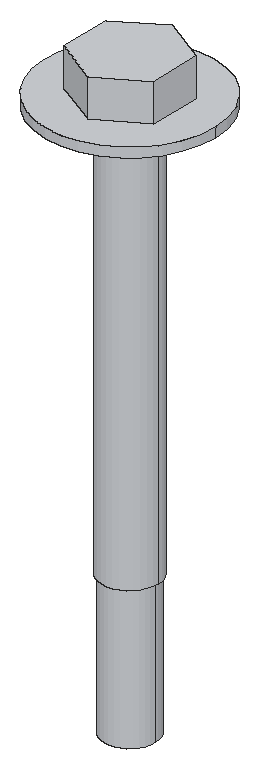
Revit family "Generic ISO Metric Bolt", category Generic Models, Revit 2022 (continued)
Types in the file's own list only (983): name | r2 | Default Elevation | Thread Material | Shank | Nominal Diameter | Material | Length
  M30 x 360 w/shank Steel galvanized | 15 mm | 1219 mm | GIMBA - Steel galvanized - M30 thread | Yes | 30 mm | GIMBA - Steel galvanized | 360 mm
  M30 x 380 Steel galvanized | 15 mm | 1219 mm | GIMBA - Steel galvanized - M30 thread | No | 30 mm | GIMBA - Steel galvanized | 380 mm
  M30 x 380 w/shank Steel galvanized | 15 mm | 1219 mm | GIMBA - Steel galvanized - M30 thread | Yes | 30 mm | GIMBA - Steel galvanized | 380 mm
  M30 x 400 Steel galvanized | 15 mm | 1219 mm | GIMBA - Steel galvanized - M30 thread | No | 30 mm | GIMBA - Steel galvanized | 400 mm
  M30 x 400 w/shank Steel galvanized | 15 mm | 1219 mm | GIMBA - Steel galvanized - M30 thread | Yes | 30 mm | GIMBA - Steel galvanized | 400 mm
  M30 x 500 Steel galvanized | 15 mm | 1219 mm | GIMBA - Steel galvanized - M30 thread | No | 30 mm | GIMBA - Steel galvanized | 500 mm
  M30 x 500 w/shank Steel galvanized | 15 mm | 1219 mm | GIMBA - Steel galvanized - M30 thread | Yes | 30 mm | GIMBA - Steel galvanized | 500 mm
  M30 x 600 Steel galvanized | 15 mm | 1219 mm | GIMBA - Steel galvanized - M30 thread | No | 30 mm | GIMBA - Steel galvanized | 600 mm
  M30 x 600 w/shank Steel galvanized | 15 mm | 1219 mm | GIMBA - Steel galvanized - M30 thread | Yes | 30 mm | GIMBA - Steel galvanized | 600 mm
  M33 x 40 Steel galvanized | 17 mm | 1219 mm | GIMBA - Steel galvanized - M33 thread | No | 33 mm | GIMBA - Steel galvanized | 40 mm
  M33 x 50 Steel galvanized | 17 mm | 1219 mm | GIMBA - Steel galvanized - M33 thread | No | 33 mm | GIMBA - Steel galvanized | 50 mm
  M33 x 60 Steel galvanized | 17 mm | 1219 mm | GIMBA - Steel galvanized - M33 thread | No | 33 mm | GIMBA - Steel galvanized | 60 mm
  M33 x 60 w/shank Steel galvanized | 17 mm | 1219 mm | GIMBA - Steel galvanized - M33 thread | Yes | 33 mm | GIMBA - Steel galvanized | 60 mm
  M33 x 65 Steel galvanized | 17 mm | 1219 mm | GIMBA - Steel galvanized - M33 thread | No | 33 mm | GIMBA - Steel galvanized | 65 mm
  M33 x 65 w/shank Steel galvanized | 17 mm | 1219 mm | GIMBA - Steel galvanized - M33 thread | Yes | 33 mm | GIMBA - Steel galvanized | 65 mm
  M33 x 70 Steel galvanized | 17 mm | 1219 mm | GIMBA - Steel galvanized - M33 thread | No | 33 mm | GIMBA - Steel galvanized | 70 mm
  M33 x 70 w/shank Steel galvanized | 17 mm | 1219 mm | GIMBA - Steel galvanized - M33 thread | Yes | 33 mm | GIMBA - Steel galvanized | 70 mm
  M33 x 75 Steel galvanized | 17 mm | 1219 mm | GIMBA - Steel galvanized - M33 thread | No | 33 mm | GIMBA - Steel galvanized | 75 mm
  M33 x 75 w/shank Steel galvanized | 17 mm | 1219 mm | GIMBA - Steel galvanized - M33 thread | Yes | 33 mm | GIMBA - Steel galvanized | 75 mm
  M33 x 80 Steel galvanized | 17 mm | 1219 mm | GIMBA - Steel galvanized - M33 thread | No | 33 mm | GIMBA - Steel galvanized | 80 mm
  M33 x 80 w/shank Steel galvanized | 17 mm | 1219 mm | GIMBA - Steel galvanized - M33 thread | Yes | 33 mm | GIMBA - Steel galvanized | 80 mm
  M33 x 90 Steel galvanized | 17 mm | 1219 mm | GIMBA - Steel galvanized - M33 thread | No | 33 mm | GIMBA - Steel galvanized | 90 mm
  M33 x 90 w/shank Steel galvanized | 17 mm | 1219 mm | GIMBA - Steel galvanized - M33 thread | Yes | 33 mm | GIMBA - Steel galvanized | 90 mm
  M33 x 100 Steel galvanized | 17 mm | 1219 mm | GIMBA - Steel galvanized - M33 thread | No | 33 mm | GIMBA - Steel galvanized | 100 mm
  M33 x 100 w/shank Steel galvanized | 17 mm | 1219 mm | GIMBA - Steel galvanized - M33 thread | Yes | 33 mm | GIMBA - Steel galvanized | 100 mm
  M33 x 110 Steel galvanized | 17 mm | 1219 mm | GIMBA - Steel galvanized - M33 thread | No | 33 mm | GIMBA - Steel galvanized | 110 mm
  M33 x 110 w/shank Steel galvanized | 17 mm | 1219 mm | GIMBA - Steel galvanized - M33 thread | Yes | 33 mm | GIMBA - Steel galvanized | 110 mm
  M33 x 120 Steel galvanized | 17 mm | 1219 mm | GIMBA - Steel galvanized - M33 thread | No | 33 mm | GIMBA - Steel galvanized | 120 mm
  M33 x 120 w/shank Steel galvanized | 17 mm | 1219 mm | GIMBA - Steel galvanized - M33 thread | Yes | 33 mm | GIMBA - Steel galvanized | 120 mm
  M33 x 130 Steel galvanized | 17 mm | 1219 mm | GIMBA - Steel galvanized - M33 thread | No | 33 mm | GIMBA - Steel galvanized | 130 mm
  M33 x 130 w/shank Steel galvanized | 17 mm | 1219 mm | GIMBA - Steel galvanized - M33 thread | Yes | 33 mm | GIMBA - Steel galvanized | 130 mm
  M33 x 140 Steel galvanized | 17 mm | 1219 mm | GIMBA - Steel galvanized - M33 thread | No | 33 mm | GIMBA - Steel galvanized | 140 mm
  M33 x 140 w/shank Steel galvanized | 17 mm | 1219 mm | GIMBA - Steel galvanized - M33 thread | Yes | 33 mm | GIMBA - Steel galvanized | 140 mm
  M33 x 150 Steel galvanized | 17 mm | 1219 mm | GIMBA - Steel galvanized - M33 thread | No | 33 mm | GIMBA - Steel galvanized | 150 mm
  M33 x 150 w/shank Steel galvanized | 17 mm | 1219 mm | GIMBA - Steel galvanized - M33 thread | Yes | 33 mm | GIMBA - Steel galvanized | 150 mm
  M33 x 160 Steel galvanized | 17 mm | 1219 mm | GIMBA - Steel galvanized - M33 thread | No | 33 mm | GIMBA - Steel galvanized | 160 mm
  M33 x 160 w/shank Steel galvanized | 17 mm | 1219 mm | GIMBA - Steel galvanized - M33 thread | Yes | 33 mm | GIMBA - Steel galvanized | 160 mm
  M33 x 170 Steel galvanized | 17 mm | 1219 mm | GIMBA - Steel galvanized - M33 thread | No | 33 mm | GIMBA - Steel galvanized | 170 mm
  M33 x 170 w/shank Steel galvanized | 17 mm | 1219 mm | GIMBA - Steel galvanized - M33 thread | Yes | 33 mm | GIMBA - Steel galvanized | 170 mm
  M33 x 180 Steel galvanized | 17 mm | 1219 mm | GIMBA - Steel galvanized - M33 thread | No | 33 mm | GIMBA - Steel galvanized | 180 mm
  M33 x 180 w/shank Steel galvanized | 17 mm | 1219 mm | GIMBA - Steel galvanized - M33 thread | Yes | 33 mm | GIMBA - Steel galvanized | 180 mm
  M33 x 190 Steel galvanized | 17 mm | 1219 mm | GIMBA - Steel galvanized - M33 thread | No | 33 mm | GIMBA - Steel galvanized | 190 mm
  M33 x 190 w/shank Steel galvanized | 17 mm | 1219 mm | GIMBA - Steel galvanized - M33 thread | Yes | 33 mm | GIMBA - Steel galvanized | 190 mm
  M33 x 200 Steel galvanized | 17 mm | 1219 mm | GIMBA - Steel galvanized - M33 thread | No | 33 mm | GIMBA - Steel galvanized | 200 mm
  M33 x 200 w/shank Steel galvanized | 17 mm | 1219 mm | GIMBA - Steel galvanized - M33 thread | Yes | 33 mm | GIMBA - Steel galvanized | 200 mm
  M33 x 300 Steel galvanized | 17 mm | 1219 mm | GIMBA - Steel galvanized - M33 thread | No | 33 mm | GIMBA - Steel galvanized | 300 mm
  M33 x 300 w/shank Steel galvanized | 17 mm | 1219 mm | GIMBA - Steel galvanized - M33 thread | Yes | 33 mm | GIMBA - Steel galvanized | 300 mm
  M36 x 40 Steel galvanized | 18 mm | 1219 mm | GIMBA - Steel galvanized - M36 thread | No | 36 mm | GIMBA - Steel galvanized | 40 mm
  M36 x 45 Steel galvanized | 18 mm | 1219 mm | GIMBA - Steel galvanized - M36 thread | No | 36 mm | GIMBA - Steel galvanized | 45 mm
  M36 x 50 Steel galvanized | 18 mm | 1219 mm | GIMBA - Steel galvanized - M36 thread | No | 36 mm | GIMBA - Steel galvanized | 50 mm
  M36 x 55 Steel galvanized | 18 mm | 1219 mm | GIMBA - Steel galvanized - M36 thread | No | 36 mm | GIMBA - Steel galvanized | 55 mm
  M36 x 55 w/shank Steel galvanized | 18 mm | 1219 mm | GIMBA - Steel galvanized - M36 thread | Yes | 36 mm | GIMBA - Steel galvanized | 55 mm
  M36 x 60 Steel galvanized | 18 mm | 1219 mm | GIMBA - Steel galvanized - M36 thread | No | 36 mm | GIMBA - Steel galvanized | 60 mm
  M36 x 60 w/shank Steel galvanized | 18 mm | 1219 mm | GIMBA - Steel galvanized - M36 thread | Yes | 36 mm | GIMBA - Steel galvanized | 60 mm
  M36 x 65 Steel galvanized | 18 mm | 1219 mm | GIMBA - Steel galvanized - M36 thread | No | 36 mm | GIMBA - Steel galvanized | 65 mm
  M36 x 65 w/shank Steel galvanized | 18 mm | 1219 mm | GIMBA - Steel galvanized - M36 thread | Yes | 36 mm | GIMBA - Steel galvanized | 65 mm
  M36 x 70 Steel galvanized | 18 mm | 1219 mm | GIMBA - Steel galvanized - M36 thread | No | 36 mm | GIMBA - Steel galvanized | 70 mm
  M36 x 70 w/shank Steel galvanized | 18 mm | 1219 mm | GIMBA - Steel galvanized - M36 thread | Yes | 36 mm | GIMBA - Steel galvanized | 70 mm
  M36 x 75 Steel galvanized | 18 mm | 1219 mm | GIMBA - Steel galvanized - M36 thread | No | 36 mm | GIMBA - Steel galvanized | 75 mm
  M36 x 75 w/shank Steel galvanized | 18 mm | 1219 mm | GIMBA - Steel galvanized - M36 thread | Yes | 36 mm | GIMBA - Steel galvanized | 75 mm
  M36 x 80 Steel galvanized | 18 mm | 1219 mm | GIMBA - Steel galvanized - M36 thread | No | 36 mm | GIMBA - Steel galvanized | 80 mm
  M36 x 80 w/shank Steel galvanized | 18 mm | 1219 mm | GIMBA - Steel galvanized - M36 thread | Yes | 36 mm | GIMBA - Steel galvanized | 80 mm
  M36 x 85 Steel galvanized | 18 mm | 1219 mm | GIMBA - Steel galvanized - M36 thread | No | 36 mm | GIMBA - Steel galvanized | 85 mm
  M36 x 85 w/shank Steel galvanized | 18 mm | 1219 mm | GIMBA - Steel galvanized - M36 thread | Yes | 36 mm | GIMBA - Steel galvanized | 85 mm
  M36 x 90 Steel galvanized | 18 mm | 1219 mm | GIMBA - Steel galvanized - M36 thread | No | 36 mm | GIMBA - Steel galvanized | 90 mm
  M36 x 90 w/shank Steel galvanized | 18 mm | 1219 mm | GIMBA - Steel galvanized - M36 thread | Yes | 36 mm | GIMBA - Steel galvanized | 90 mm
  M36 x 100 Steel galvanized | 18 mm | 1219 mm | GIMBA - Steel galvanized - M36 thread | No | 36 mm | GIMBA - Steel galvanized | 100 mm
  M36 x 100 w/shank Steel galvanized | 18 mm | 1219 mm | GIMBA - Steel galvanized - M36 thread | Yes | 36 mm | GIMBA - Steel galvanized | 100 mm
  M36 x 110 Steel galvanized | 18 mm | 1219 mm | GIMBA - Steel galvanized - M36 thread | No | 36 mm | GIMBA - Steel galvanized | 110 mm
  M36 x 110 w/shank Steel galvanized | 18 mm | 1219 mm | GIMBA - Steel galvanized - M36 thread | Yes | 36 mm | GIMBA - Steel galvanized | 110 mm
  M36 x 120 Steel galvanized | 18 mm | 1219 mm | GIMBA - Steel galvanized - M36 thread | No | 36 mm | GIMBA - Steel galvanized | 120 mm
  M36 x 120 w/shank Steel galvanized | 18 mm | 1219 mm | GIMBA - Steel galvanized - M36 thread | Yes | 36 mm | GIMBA - Steel galvanized | 120 mm
  M36 x 130 Steel galvanized | 18 mm | 1219 mm | GIMBA - Steel galvanized - M36 thread | No | 36 mm | GIMBA - Steel galvanized | 130 mm
  M36 x 130 w/shank Steel galvanized | 18 mm | 1219 mm | GIMBA - Steel galvanized - M36 thread | Yes | 36 mm | GIMBA - Steel galvanized | 130 mm
  M36 x 140 Steel galvanized | 18 mm | 1219 mm | GIMBA - Steel galvanized - M36 thread | No | 36 mm | GIMBA - Steel galvanized | 140 mm
  M36 x 140 w/shank Steel galvanized | 18 mm | 1219 mm | GIMBA - Steel galvanized - M36 thread | Yes | 36 mm | GIMBA - Steel galvanized | 140 mm
  M36 x 150 Steel galvanized | 18 mm | 1219 mm | GIMBA - Steel galvanized - M36 thread | No | 36 mm | GIMBA - Steel galvanized | 150 mm
  M36 x 150 w/shank Steel galvanized | 18 mm | 1219 mm | GIMBA - Steel galvanized - M36 thread | Yes | 36 mm | GIMBA - Steel galvanized | 150 mm
  M36 x 160 Steel galvanized | 18 mm | 1219 mm | GIMBA - Steel galvanized - M36 thread | No | 36 mm | GIMBA - Steel galvanized | 160 mm
  M36 x 160 w/shank Steel galvanized | 18 mm | 1219 mm | GIMBA - Steel galvanized - M36 thread | Yes | 36 mm | GIMBA - Steel galvanized | 160 mm
  M36 x 170 Steel galvanized | 18 mm | 1219 mm | GIMBA - Steel galvanized - M36 thread | No | 36 mm | GIMBA - Steel galvanized | 170 mm
  M36 x 170 w/shank Steel galvanized | 18 mm | 1219 mm | GIMBA - Steel galvanized - M36 thread | Yes | 36 mm | GIMBA - Steel galvanized | 170 mm
  M36 x 180 Steel galvanized | 18 mm | 1219 mm | GIMBA - Steel galvanized - M36 thread | No | 36 mm | GIMBA - Steel galvanized | 180 mm
  M36 x 180 w/shank Steel galvanized | 18 mm | 1219 mm | GIMBA - Steel galvanized - M36 thread | Yes | 36 mm | GIMBA - Steel galvanized | 180 mm
  M36 x 190 Steel galvanized | 18 mm | 1219 mm | GIMBA - Steel galvanized - M36 thread | No | 36 mm | GIMBA - Steel galvanized | 190 mm
  M36 x 190 w/shank Steel galvanized | 18 mm | 1219 mm | GIMBA - Steel galvanized - M36 thread | Yes | 36 mm | GIMBA - Steel galvanized | 190 mm
  M36 x 200 Steel galvanized | 18 mm | 1219 mm | GIMBA - Steel galvanized - M36 thread | No | 36 mm | GIMBA - Steel galvanized | 200 mm
  M36 x 200 w/shank Steel galvanized | 18 mm | 1219 mm | GIMBA - Steel galvanized - M36 thread | Yes | 36 mm | GIMBA - Steel galvanized | 200 mm
  M36 x 220 Steel galvanized | 18 mm | 1219 mm | GIMBA - Steel galvanized - M36 thread | No | 36 mm | GIMBA - Steel galvanized | 220 mm
  M36 x 220 w/shank Steel galvanized | 18 mm | 1219 mm | GIMBA - Steel galvanized - M36 thread | Yes | 36 mm | GIMBA - Steel galvanized | 220 mm
  M36 x 260 Steel galvanized | 18 mm | 1219 mm | GIMBA - Steel galvanized - M36 thread | No | 36 mm | GIMBA - Steel galvanized | 260 mm
  M36 x 260 w/shank Steel galvanized | 18 mm | 1219 mm | GIMBA - Steel galvanized - M36 thread | Yes | 36 mm | GIMBA - Steel galvanized | 260 mm
  M36 x 280 Steel galvanized | 18 mm | 1219 mm | GIMBA - Steel galvanized - M36 thread | No | 36 mm | GIMBA - Steel galvanized | 280 mm
  M36 x 280 w/shank Steel galvanized | 18 mm | 1219 mm | GIMBA - Steel galvanized - M36 thread | Yes | 36 mm | GIMBA - Steel galvanized | 280 mm
  M36 x 300 Steel galvanized | 18 mm | 1219 mm | GIMBA - Steel galvanized - M36 thread | No | 36 mm | GIMBA - Steel galvanized | 300 mm
  M36 x 300 w/shank Steel galvanized | 18 mm | 1219 mm | GIMBA - Steel galvanized - M36 thread | Yes | 36 mm | GIMBA - Steel galvanized | 300 mm
  M36 x 320 Steel galvanized | 18 mm | 1219 mm | GIMBA - Steel galvanized - M36 thread | No | 36 mm | GIMBA - Steel galvanized | 320 mm
  M36 x 320 w/shank Steel galvanized | 18 mm | 1219 mm | GIMBA - Steel galvanized - M36 thread | Yes | 36 mm | GIMBA - Steel galvanized | 320 mm
  M36 x 340 Steel galvanized | 18 mm | 1219 mm | GIMBA - Steel galvanized - M36 thread | No | 36 mm | GIMBA - Steel galvanized | 340 mm
  M36 x 340 w/shank Steel galvanized | 18 mm | 1219 mm | GIMBA - Steel galvanized - M36 thread | Yes | 36 mm | GIMBA - Steel galvanized | 340 mm
  M36 x 400 Steel galvanized | 18 mm | 1219 mm | GIMBA - Steel galvanized - M36 thread | No | 36 mm | GIMBA - Steel galvanized | 400 mm
  M36 x 400 w/shank Steel galvanized | 18 mm | 1219 mm | GIMBA - Steel galvanized - M36 thread | Yes | 36 mm | GIMBA - Steel galvanized | 400 mm
  M36 x 600 Steel galvanized | 18 mm | 1219 mm | GIMBA - Steel galvanized - M36 thread | No | 36 mm | GIMBA - Steel galvanized | 600 mm
  M36 x 600 w/shank Steel galvanized | 18 mm | 1219 mm | GIMBA - Steel galvanized - M36 thread | Yes | 36 mm | GIMBA - Steel galvanized | 600 mm
  M39 x 80 Steel galvanized | 20 mm | 1219 mm | GIMBA - Steel galvanized - M39 thread | No | 39 mm | GIMBA - Steel galvanized | 80 mm
  M39 x 80 w/shank Steel galvanized | 20 mm | 1219 mm | GIMBA - Steel galvanized - M39 thread | Yes | 39 mm | GIMBA - Steel galvanized | 80 mm
  M39 x 90 Steel galvanized | 20 mm | 1219 mm | GIMBA - Steel galvanized - M39 thread | No | 39 mm | GIMBA - Steel galvanized | 90 mm
  M39 x 90 w/shank Steel galvanized | 20 mm | 1219 mm | GIMBA - Steel galvanized - M39 thread | Yes | 39 mm | GIMBA - Steel galvanized | 90 mm
  M39 x 100 Steel galvanized | 20 mm | 1219 mm | GIMBA - Steel galvanized - M39 thread | No | 39 mm | GIMBA - Steel galvanized | 100 mm
  M39 x 100 w/shank Steel galvanized | 20 mm | 1219 mm | GIMBA - Steel galvanized - M39 thread | Yes | 39 mm | GIMBA - Steel galvanized | 100 mm
  M39 x 110 Steel galvanized | 20 mm | 1219 mm | GIMBA - Steel galvanized - M39 thread | No | 39 mm | GIMBA - Steel galvanized | 110 mm
  M39 x 110 w/shank Steel galvanized | 20 mm | 1219 mm | GIMBA - Steel galvanized - M39 thread | Yes | 39 mm | GIMBA - Steel galvanized | 110 mm
  M39 x 120 Steel galvanized | 20 mm | 1219 mm | GIMBA - Steel galvanized - M39 thread | No | 39 mm | GIMBA - Steel galvanized | 120 mm
  M39 x 120 w/shank Steel galvanized | 20 mm | 1219 mm | GIMBA - Steel galvanized - M39 thread | Yes | 39 mm | GIMBA - Steel galvanized | 120 mm
  M39 x 130 Steel galvanized | 20 mm | 1219 mm | GIMBA - Steel galvanized - M39 thread | No | 39 mm | GIMBA - Steel galvanized | 130 mm
  M39 x 130 w/shank Steel galvanized | 20 mm | 1219 mm | GIMBA - Steel galvanized - M39 thread | Yes | 39 mm | GIMBA - Steel galvanized | 130 mm
  M39 x 140 Steel galvanized | 20 mm | 1219 mm | GIMBA - Steel galvanized - M39 thread | No | 39 mm | GIMBA - Steel galvanized | 140 mm
  M39 x 140 w/shank Steel galvanized | 20 mm | 1219 mm | GIMBA - Steel galvanized - M39 thread | Yes | 39 mm | GIMBA - Steel galvanized | 140 mm
  M39 x 150 Steel galvanized | 20 mm | 1219 mm | GIMBA - Steel galvanized - M39 thread | No | 39 mm | GIMBA - Steel galvanized | 150 mm
  M39 x 150 w/shank Steel galvanized | 20 mm | 1219 mm | GIMBA - Steel galvanized - M39 thread | Yes | 39 mm | GIMBA - Steel galvanized | 150 mm
  M39 x 160 Steel galvanized | 20 mm | 1219 mm | GIMBA - Steel galvanized - M39 thread | No | 39 mm | GIMBA - Steel galvanized | 160 mm
  M39 x 160 w/shank Steel galvanized | 20 mm | 1219 mm | GIMBA - Steel galvanized - M39 thread | Yes | 39 mm | GIMBA - Steel galvanized | 160 mm
  M39 x 180 Steel galvanized | 20 mm | 1219 mm | GIMBA - Steel galvanized - M39 thread | No | 39 mm | GIMBA - Steel galvanized | 180 mm
  M39 x 180 w/shank Steel galvanized | 20 mm | 1219 mm | GIMBA - Steel galvanized - M39 thread | Yes | 39 mm | GIMBA - Steel galvanized | 180 mm
  M39 x 190 Steel galvanized | 20 mm | 1219 mm | GIMBA - Steel galvanized - M39 thread | No | 39 mm | GIMBA - Steel galvanized | 190 mm
  M39 x 190 w/shank Steel galvanized | 20 mm | 1219 mm | GIMBA - Steel galvanized - M39 thread | Yes | 39 mm | GIMBA - Steel galvanized | 190 mm
  M39 x 200 Steel galvanized | 20 mm | 1219 mm | GIMBA - Steel galvanized - M39 thread | No | 39 mm | GIMBA - Steel galvanized | 200 mm
  M39 x 200 w/shank Steel galvanized | 20 mm | 1219 mm | GIMBA - Steel galvanized - M39 thread | Yes | 39 mm | GIMBA - Steel galvanized | 200 mm
  M42 x 50 Steel galvanized | 21 mm | 1219 mm | GIMBA - Steel galvanized - M42 thread | No | 42 mm | GIMBA - Steel galvanized | 50 mm
  M42 x 55 Steel galvanized | 21 mm | 1219 mm | GIMBA - Steel galvanized - M42 thread | No | 42 mm | GIMBA - Steel galvanized | 55 mm
  M42 x 55 w/shank Steel galvanized | 21 mm | 1219 mm | GIMBA - Steel galvanized - M42 thread | Yes | 42 mm | GIMBA - Steel galvanized | 55 mm
  M42 x 60 Steel galvanized | 21 mm | 1219 mm | GIMBA - Steel galvanized - M42 thread | No | 42 mm | GIMBA - Steel galvanized | 60 mm
  M42 x 60 w/shank Steel galvanized | 21 mm | 1219 mm | GIMBA - Steel galvanized - M42 thread | Yes | 42 mm | GIMBA - Steel galvanized | 60 mm
  M42 x 70 Steel galvanized | 21 mm | 1219 mm | GIMBA - Steel galvanized - M42 thread | No | 42 mm | GIMBA - Steel galvanized | 70 mm
  M42 x 70 w/shank Steel galvanized | 21 mm | 1219 mm | GIMBA - Steel galvanized - M42 thread | Yes | 42 mm | GIMBA - Steel galvanized | 70 mm
  M42 x 75 Steel galvanized | 21 mm | 1219 mm | GIMBA - Steel galvanized - M42 thread | No | 42 mm | GIMBA - Steel galvanized | 75 mm
  M42 x 75 w/shank Steel galvanized | 21 mm | 1219 mm | GIMBA - Steel galvanized - M42 thread | Yes | 42 mm | GIMBA - Steel galvanized | 75 mm
  M42 x 80 Steel galvanized | 21 mm | 1219 mm | GIMBA - Steel galvanized - M42 thread | No | 42 mm | GIMBA - Steel galvanized | 80 mm
  M42 x 80 w/shank Steel galvanized | 21 mm | 1219 mm | GIMBA - Steel galvanized - M42 thread | Yes | 42 mm | GIMBA - Steel galvanized | 80 mm
  M42 x 85 Steel galvanized | 21 mm | 1219 mm | GIMBA - Steel galvanized - M42 thread | No | 42 mm | GIMBA - Steel galvanized | 85 mm
  M42 x 85 w/shank Steel galvanized | 21 mm | 1219 mm | GIMBA - Steel galvanized - M42 thread | Yes | 42 mm | GIMBA - Steel galvanized | 85 mm
  M42 x 90 Steel galvanized | 21 mm | 1219 mm | GIMBA - Steel galvanized - M42 thread | No | 42 mm | GIMBA - Steel galvanized | 90 mm
  M42 x 90 w/shank Steel galvanized | 21 mm | 1219 mm | GIMBA - Steel galvanized - M42 thread | Yes | 42 mm | GIMBA - Steel galvanized | 90 mm
  M42 x 100 Steel galvanized | 21 mm | 1219 mm | GIMBA - Steel galvanized - M42 thread | No | 42 mm | GIMBA - Steel galvanized | 100 mm
  M42 x 100 w/shank Steel galvanized | 21 mm | 1219 mm | GIMBA - Steel galvanized - M42 thread | Yes | 42 mm | GIMBA - Steel galvanized | 100 mm
  M42 x 110 Steel galvanized | 21 mm | 1219 mm | GIMBA - Steel galvanized - M42 thread | No | 42 mm | GIMBA - Steel galvanized | 110 mm
  M42 x 110 w/shank Steel galvanized | 21 mm | 1219 mm | GIMBA - Steel galvanized - M42 thread | Yes | 42 mm | GIMBA - Steel galvanized | 110 mm
  M42 x 120 Steel galvanized | 21 mm | 1219 mm | GIMBA - Steel galvanized - M42 thread | No | 42 mm | GIMBA - Steel galvanized | 120 mm
  M42 x 120 w/shank Steel galvanized | 21 mm | 1219 mm | GIMBA - Steel galvanized - M42 thread | Yes | 42 mm | GIMBA - Steel galvanized | 120 mm
  M42 x 130 Steel galvanized | 21 mm | 1219 mm | GIMBA - Steel galvanized - M42 thread | No | 42 mm | GIMBA - Steel galvanized | 130 mm
  M42 x 130 w/shank Steel galvanized | 21 mm | 1219 mm | GIMBA - Steel galvanized - M42 thread | Yes | 42 mm | GIMBA - Steel galvanized | 130 mm
  M42 x 140 Steel galvanized | 21 mm | 1219 mm | GIMBA - Steel galvanized - M42 thread | No | 42 mm | GIMBA - Steel galvanized | 140 mm
  M42 x 140 w/shank Steel galvanized | 21 mm | 1219 mm | GIMBA - Steel galvanized - M42 thread | Yes | 42 mm | GIMBA - Steel galvanized | 140 mm
  M42 x 150 Steel galvanized | 21 mm | 1219 mm | GIMBA - Steel galvanized - M42 thread | No | 42 mm | GIMBA - Steel galvanized | 150 mm
  M42 x 150 w/shank Steel galvanized | 21 mm | 1219 mm | GIMBA - Steel galvanized - M42 thread | Yes | 42 mm | GIMBA - Steel galvanized | 150 mm
  M42 x 160 Steel galvanized | 21 mm | 1219 mm | GIMBA - Steel galvanized - M42 thread | No | 42 mm | GIMBA - Steel galvanized | 160 mm
  M42 x 160 w/shank Steel galvanized | 21 mm | 1219 mm | GIMBA - Steel galvanized - M42 thread | Yes | 42 mm | GIMBA - Steel galvanized | 160 mm
  M42 x 170 Steel galvanized | 21 mm | 1219 mm | GIMBA - Steel galvanized - M42 thread | No | 42 mm | GIMBA - Steel galvanized | 170 mm
  M42 x 170 w/shank Steel galvanized | 21 mm | 1219 mm | GIMBA - Steel galvanized - M42 thread | Yes | 42 mm | GIMBA - Steel galvanized | 170 mm
  M42 x 180 Steel galvanized | 21 mm | 1219 mm | GIMBA - Steel galvanized - M42 thread | No | 42 mm | GIMBA - Steel galvanized | 180 mm
  M42 x 180 w/shank Steel galvanized | 21 mm | 1219 mm | GIMBA - Steel galvanized - M42 thread | Yes | 42 mm | GIMBA - Steel galvanized | 180 mm
  M42 x 190 Steel galvanized | 21 mm | 1219 mm | GIMBA - Steel galvanized - M42 thread | No | 42 mm | GIMBA - Steel galvanized | 190 mm
  M42 x 190 w/shank Steel galvanized | 21 mm | 1219 mm | GIMBA - Steel galvanized - M42 thread | Yes | 42 mm | GIMBA - Steel galvanized | 190 mm
  M42 x 200 Steel galvanized | 21 mm | 1219 mm | GIMBA - Steel galvanized - M42 thread | No | 42 mm | GIMBA - Steel galvanized | 200 mm
  M42 x 200 w/shank Steel galvanized | 21 mm | 1219 mm | GIMBA - Steel galvanized - M42 thread | Yes | 42 mm | GIMBA - Steel galvanized | 200 mm
  M42 x 220 Steel galvanized | 21 mm | 1219 mm | GIMBA - Steel galvanized - M42 thread | No | 42 mm | GIMBA - Steel galvanized | 220 mm
  M42 x 220 w/shank Steel galvanized | 21 mm | 1219 mm | GIMBA - Steel galvanized - M42 thread | Yes | 42 mm | GIMBA - Steel galvanized | 220 mm
  M42 x 250 Steel galvanized | 21 mm | 1219 mm | GIMBA - Steel galvanized - M42 thread | No | 42 mm | GIMBA - Steel galvanized | 250 mm
  M42 x 250 w/shank Steel galvanized | 21 mm | 1219 mm | GIMBA - Steel galvanized - M42 thread | Yes | 42 mm | GIMBA - Steel galvanized | 250 mm
  M42 x 260 Steel galvanized | 21 mm | 1219 mm | GIMBA - Steel galvanized - M42 thread | No | 42 mm | GIMBA - Steel galvanized | 260 mm
  M42 x 260 w/shank Steel galvanized | 21 mm | 1219 mm | GIMBA - Steel galvanized - M42 thread | Yes | 42 mm | GIMBA - Steel galvanized | 260 mm
  M42 x 300 Steel galvanized | 21 mm | 1219 mm | GIMBA - Steel galvanized - M42 thread | No | 42 mm | GIMBA - Steel galvanized | 300 mm
  M42 x 300 w/shank Steel galvanized | 21 mm | 1219 mm | GIMBA - Steel galvanized - M42 thread | Yes | 42 mm | GIMBA - Steel galvanized | 300 mm
  M42 x 360 Steel galvanized | 21 mm | 1219 mm | GIMBA - Steel galvanized - M42 thread | No | 42 mm | GIMBA - Steel galvanized | 360 mm
  M42 x 360 w/shank Steel galvanized | 21 mm | 1219 mm | GIMBA - Steel galvanized - M42 thread | Yes | 42 mm | GIMBA - Steel galvanized | 360 mm
  M42 x 400 Steel galvanized | 21 mm | 1219 mm | GIMBA - Steel galvanized - M42 thread | No | 42 mm | GIMBA - Steel galvanized | 400 mm
  M42 x 400 w/shank Steel galvanized | 21 mm | 1219 mm | GIMBA - Steel galvanized - M42 thread | Yes | 42 mm | GIMBA - Steel galvanized | 400 mm
  M45 x 90 Steel galvanized | 23 mm | 1219 mm | GIMBA - Steel galvanized - M45 thread | No | 45 mm | GIMBA - Steel galvanized | 90 mm
  M45 x 90 w/shank Steel galvanized | 23 mm | 1219 mm | GIMBA - Steel galvanized - M45 thread | Yes | 45 mm | GIMBA - Steel galvanized | 90 mm
  M45 x 100 Steel galvanized | 23 mm | 1219 mm | GIMBA - Steel galvanized - M45 thread | No | 45 mm | GIMBA - Steel galvanized | 100 mm
  M45 x 100 w/shank Steel galvanized | 23 mm | 1219 mm | GIMBA - Steel galvanized - M45 thread | Yes | 45 mm | GIMBA - Steel galvanized | 100 mm
  M45 x 110 Steel galvanized | 23 mm | 1219 mm | GIMBA - Steel galvanized - M45 thread | No | 45 mm | GIMBA - Steel galvanized | 110 mm
  M45 x 110 w/shank Steel galvanized | 23 mm | 1219 mm | GIMBA - Steel galvanized - M45 thread | Yes | 45 mm | GIMBA - Steel galvanized | 110 mm
  M45 x 120 Steel galvanized | 23 mm | 1219 mm | GIMBA - Steel galvanized - M45 thread | No | 45 mm | GIMBA - Steel galvanized | 120 mm
  M45 x 120 w/shank Steel galvanized | 23 mm | 1219 mm | GIMBA - Steel galvanized - M45 thread | Yes | 45 mm | GIMBA - Steel galvanized | 120 mm
  M45 x 130 Steel galvanized | 23 mm | 1219 mm | GIMBA - Steel galvanized - M45 thread | No | 45 mm | GIMBA - Steel galvanized | 130 mm
  M45 x 130 w/shank Steel galvanized | 23 mm | 1219 mm | GIMBA - Steel galvanized - M45 thread | Yes | 45 mm | GIMBA - Steel galvanized | 130 mm
  M45 x 140 Steel galvanized | 23 mm | 1219 mm | GIMBA - Steel galvanized - M45 thread | No | 45 mm | GIMBA - Steel galvanized | 140 mm
  M45 x 140 w/shank Steel galvanized | 23 mm | 1219 mm | GIMBA - Steel galvanized - M45 thread | Yes | 45 mm | GIMBA - Steel galvanized | 140 mm
  M45 x 150 Steel galvanized | 23 mm | 1219 mm | GIMBA - Steel galvanized - M45 thread | No | 45 mm | GIMBA - Steel galvanized | 150 mm
  M45 x 150 w/shank Steel galvanized | 23 mm | 1219 mm | GIMBA - Steel galvanized - M45 thread | Yes | 45 mm | GIMBA - Steel galvanized | 150 mm
  M48 x 60 Steel galvanized | 24 mm | 1219 mm | GIMBA - Steel galvanized - M48 thread | No | 48 mm | GIMBA - Steel galvanized | 60 mm
  M48 x 60 w/shank Steel galvanized | 24 mm | 1219 mm | GIMBA - Steel galvanized - M48 thread | Yes | 48 mm | GIMBA - Steel galvanized | 60 mm
  M48 x 70 Steel galvanized | 24 mm | 1219 mm | GIMBA - Steel galvanized - M48 thread | No | 48 mm | GIMBA - Steel galvanized | 70 mm
  M48 x 70 w/shank Steel galvanized | 24 mm | 1219 mm | GIMBA - Steel galvanized - M48 thread | Yes | 48 mm | GIMBA - Steel galvanized | 70 mm
  M48 x 80 Steel galvanized | 24 mm | 1219 mm | GIMBA - Steel galvanized - M48 thread | No | 48 mm | GIMBA - Steel galvanized | 80 mm
  M48 x 80 w/shank Steel galvanized | 24 mm | 1219 mm | GIMBA - Steel galvanized - M48 thread | Yes | 48 mm | GIMBA - Steel galvanized | 80 mm
  M48 x 90 Steel galvanized | 24 mm | 1219 mm | GIMBA - Steel galvanized - M48 thread | No | 48 mm | GIMBA - Steel galvanized | 90 mm
  M48 x 90 w/shank Steel galvanized | 24 mm | 1219 mm | GIMBA - Steel galvanized - M48 thread | Yes | 48 mm | GIMBA - Steel galvanized | 90 mm
  M48 x 100 Steel galvanized | 24 mm | 1219 mm | GIMBA - Steel galvanized - M48 thread | No | 48 mm | GIMBA - Steel galvanized | 100 mm
  M48 x 100 w/shank Steel galvanized | 24 mm | 1219 mm | GIMBA - Steel galvanized - M48 thread | Yes | 48 mm | GIMBA - Steel galvanized | 100 mm
  M48 x 110 Steel galvanized | 24 mm | 1219 mm | GIMBA - Steel galvanized - M48 thread | No | 48 mm | GIMBA - Steel galvanized | 110 mm
  M48 x 110 w/shank Steel galvanized | 24 mm | 1219 mm | GIMBA - Steel galvanized - M48 thread | Yes | 48 mm | GIMBA - Steel galvanized | 110 mm
  M48 x 120 Steel galvanized | 24 mm | 1219 mm | GIMBA - Steel galvanized - M48 thread | No | 48 mm | GIMBA - Steel galvanized | 120 mm
  M48 x 120 w/shank Steel galvanized | 24 mm | 1219 mm | GIMBA - Steel galvanized - M48 thread | Yes | 48 mm | GIMBA - Steel galvanized | 120 mm
  M48 x 130 Steel galvanized | 24 mm | 1219 mm | GIMBA - Steel galvanized - M48 thread | No | 48 mm | GIMBA - Steel galvanized | 130 mm
  M48 x 130 w/shank Steel galvanized | 24 mm | 1219 mm | GIMBA - Steel galvanized - M48 thread | Yes | 48 mm | GIMBA - Steel galvanized | 130 mm
  M48 x 140 Steel galvanized | 24 mm | 1219 mm | GIMBA - Steel galvanized - M48 thread | No | 48 mm | GIMBA - Steel galvanized | 140 mm
  M48 x 140 w/shank Steel galvanized | 24 mm | 1219 mm | GIMBA - Steel galvanized - M48 thread | Yes | 48 mm | GIMBA - Steel galvanized | 140 mm
  M48 x 150 Steel galvanized | 24 mm | 1219 mm | GIMBA - Steel galvanized - M48 thread | No | 48 mm | GIMBA - Steel galvanized | 150 mm
  M48 x 150 w/shank Steel galvanized | 24 mm | 1219 mm | GIMBA - Steel galvanized - M48 thread | Yes | 48 mm | GIMBA - Steel galvanized | 150 mm
  M48 x 160 Steel galvanized | 24 mm | 1219 mm | GIMBA - Steel galvanized - M48 thread | No | 48 mm | GIMBA - Steel galvanized | 160 mm
  M48 x 160 w/shank Steel galvanized | 24 mm | 1219 mm | GIMBA - Steel galvanized - M48 thread | Yes | 48 mm | GIMBA - Steel galvanized | 160 mm
  M48 x 170 Steel galvanized | 24 mm | 1219 mm | GIMBA - Steel galvanized - M48 thread | No | 48 mm | GIMBA - Steel galvanized | 170 mm
  M48 x 170 w/shank Steel galvanized | 24 mm | 1219 mm | GIMBA - Steel galvanized - M48 thread | Yes | 48 mm | GIMBA - Steel galvanized | 170 mm
  M48 x 180 Steel galvanized | 24 mm | 1219 mm | GIMBA - Steel galvanized - M48 thread | No | 48 mm | GIMBA - Steel galvanized | 180 mm
  M48 x 180 w/shank Steel galvanized | 24 mm | 1219 mm | GIMBA - Steel galvanized - M48 thread | Yes | 48 mm | GIMBA - Steel galvanized | 180 mm
  M48 x 190 Steel galvanized | 24 mm | 1219 mm | GIMBA - Steel galvanized - M48 thread | No | 48 mm | GIMBA - Steel galvanized | 190 mm
  M48 x 190 w/shank Steel galvanized | 24 mm | 1219 mm | GIMBA - Steel galvanized - M48 thread | Yes | 48 mm | GIMBA - Steel galvanized | 190 mm
  M48 x 200 Steel galvanized | 24 mm | 1219 mm | GIMBA - Steel galvanized - M48 thread | No | 48 mm | GIMBA - Steel galvanized | 200 mm
  M48 x 200 w/shank Steel galvanized | 24 mm | 1219 mm | GIMBA - Steel galvanized - M48 thread | Yes | 48 mm | GIMBA - Steel galvanized | 200 mm
  M48 x 420 Steel galvanized | 24 mm | 1219 mm | GIMBA - Steel galvanized - M48 thread | No | 48 mm | GIMBA - Steel galvanized | 420 mm
  M48 x 420 w/shank Steel galvanized | 24 mm | 1219 mm | GIMBA - Steel galvanized - M48 thread | Yes | 48 mm | GIMBA - Steel galvanized | 420 mm
  M52 x 150 Steel galvanized | 26 mm | 1219 mm | GIMBA - Steel galvanized - M52 thread | No | 52 mm | GIMBA - Steel galvanized | 150 mm
  M52 x 150 w/shank Steel galvanized | 26 mm | 1219 mm | GIMBA - Steel galvanized - M52 thread | Yes | 52 mm | GIMBA - Steel galvanized | 150 mm
  M52 x 200 Steel galvanized | 26 mm | 1219 mm | GIMBA - Steel galvanized - M52 thread | No | 52 mm | GIMBA - Steel galvanized | 200 mm
  M52 x 200 w/shank Steel galvanized | 26 mm | 1219 mm | GIMBA - Steel galvanized - M52 thread | Yes | 52 mm | GIMBA - Steel galvanized | 200 mm
  M56 x 130 Steel galvanized | 28 mm | 1219 mm | GIMBA - Steel galvanized - M56 thread | No | 56 mm | GIMBA - Steel galvanized | 130 mm
  M56 x 130 w/shank Steel galvanized | 28 mm | 1219 mm | GIMBA - Steel galvanized - M56 thread | Yes | 56 mm | GIMBA - Steel galvanized | 130 mm
  M56 x 140 Steel galvanized | 28 mm | 1219 mm | GIMBA - Steel galvanized - M56 thread | No | 56 mm | GIMBA - Steel galvanized | 140 mm
  M56 x 140 w/shank Steel galvanized | 28 mm | 1219 mm | GIMBA - Steel galvanized - M56 thread | Yes | 56 mm | GIMBA - Steel galvanized | 140 mm
  M56 x 150 Steel galvanized | 28 mm | 1219 mm | GIMBA - Steel galvanized - M56 thread | No | 56 mm | GIMBA - Steel galvanized | 150 mm
  M56 x 150 w/shank Steel galvanized | 28 mm | 1219 mm | GIMBA - Steel galvanized - M56 thread | Yes | 56 mm | GIMBA - Steel galvanized | 150 mm
  M56 x 160 Steel galvanized | 28 mm | 1219 mm | GIMBA - Steel galvanized - M56 thread | No | 56 mm | GIMBA - Steel galvanized | 160 mm
  M56 x 160 w/shank Steel galvanized | 28 mm | 1219 mm | GIMBA - Steel galvanized - M56 thread | Yes | 56 mm | GIMBA - Steel galvanized | 160 mm
  M56 x 170 Steel galvanized | 28 mm | 1219 mm | GIMBA - Steel galvanized - M56 thread | No | 56 mm | GIMBA - Steel galvanized | 170 mm
  M56 x 170 w/shank Steel galvanized | 28 mm | 1219 mm | GIMBA - Steel galvanized - M56 thread | Yes | 56 mm | GIMBA - Steel galvanized | 170 mm
  M56 x 190 Steel galvanized | 28 mm | 1219 mm | GIMBA - Steel galvanized - M56 thread | No | 56 mm | GIMBA - Steel galvanized | 190 mm
  M56 x 190 w/shank Steel galvanized | 28 mm | 1219 mm | GIMBA - Steel galvanized - M56 thread | Yes | 56 mm | GIMBA - Steel galvanized | 190 mm
  M56 x 200 Steel galvanized | 28 mm | 1219 mm | GIMBA - Steel galvanized - M56 thread | No | 56 mm | GIMBA - Steel galvanized | 200 mm
  M56 x 200 w/shank Steel galvanized | 28 mm | 1219 mm | GIMBA - Steel galvanized - M56 thread | Yes | 56 mm | GIMBA - Steel galvanized | 200 mm
  M56 x 220 Steel galvanized | 28 mm | 1219 mm | GIMBA - Steel galvanized - M56 thread | No | 56 mm | GIMBA - Steel galvanized | 220 mm
  M56 x 220 w/shank Steel galvanized | 28 mm | 1219 mm | GIMBA - Steel galvanized - M56 thread | Yes | 56 mm | GIMBA - Steel galvanized | 220 mm
  M56 x 240 Steel galvanized | 28 mm | 1219 mm | GIMBA - Steel galvanized - M56 thread | No | 56 mm | GIMBA - Steel galvanized | 240 mm
  M56 x 240 w/shank Steel galvanized | 28 mm | 1219 mm | GIMBA - Steel galvanized - M56 thread | Yes | 56 mm | GIMBA - Steel galvanized | 240 mm
  M56 x 250 Steel galvanized | 28 mm | 1219 mm | GIMBA - Steel galvanized - M56 thread | No | 56 mm | GIMBA - Steel galvanized | 250 mm
  M56 x 250 w/shank Steel galvanized | 28 mm | 1219 mm | GIMBA - Steel galvanized - M56 thread | Yes | 56 mm | GIMBA - Steel galvanized | 250 mm
  M56 x 260 Steel galvanized | 28 mm | 1219 mm | GIMBA - Steel galvanized - M56 thread | No | 56 mm | GIMBA - Steel galvanized | 260 mm
  M56 x 260 w/shank Steel galvanized | 28 mm | 1219 mm | GIMBA - Steel galvanized - M56 thread | Yes | 56 mm | GIMBA - Steel galvanized | 260 mm
  M56 x 280 Steel galvanized | 28 mm | 1219 mm | GIMBA - Steel galvanized - M56 thread | No | 56 mm | GIMBA - Steel galvanized | 280 mm
  M56 x 280 w/shank Steel galvanized | 28 mm | 1219 mm | GIMBA - Steel galvanized - M56 thread | Yes | 56 mm | GIMBA - Steel galvanized | 280 mm
  M56 x 300 Steel galvanized | 28 mm | 1219 mm | GIMBA - Steel galvanized - M56 thread | No | 56 mm | GIMBA - Steel galvanized | 300 mm
  M56 x 300 w/shank Steel galvanized | 28 mm | 1219 mm | GIMBA - Steel galvanized - M56 thread | Yes | 56 mm | GIMBA - Steel galvanized | 300 mm
  M56 x 380 Steel galvanized | 28 mm | 1219 mm | GIMBA - Steel galvanized - M56 thread | No | 56 mm | GIMBA - Steel galvanized | 380 mm
  M56 x 380 w/shank Steel galvanized | 28 mm | 1219 mm | GIMBA - Steel galvanized - M56 thread | Yes | 56 mm | GIMBA - Steel galvanized | 380 mm
  M64 x 300 Steel galvanized | 32 mm | 1219 mm | GIMBA - Steel galvanized - M64 thread | No | 64 mm | GIMBA - Steel galvanized | 300 mm
  M64 x 300 w/shank Steel galvanized | 32 mm | 1219 mm | GIMBA - Steel galvanized - M64 thread | Yes | 64 mm | GIMBA - Steel galvanized | 300 mm
